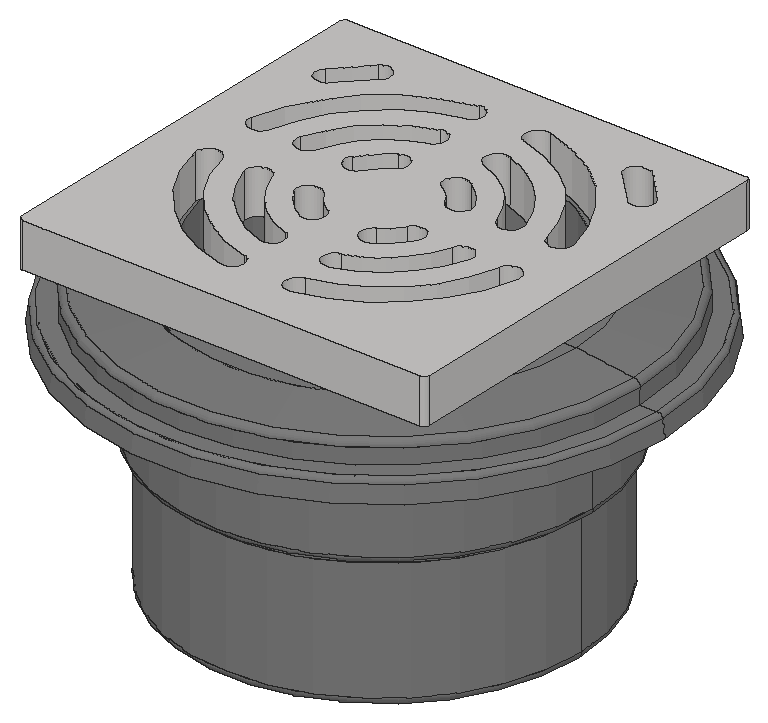
Revit family "PlumbingFixture_Drain_Galvin_DV150S", category Plumbing Fixtures, host Face, Revit 2011
Parameters (values of type "DV4S06SX - ST/ST 316")
  URL = "www.galvinengineering.com.au"
  Type Comments = "Square"
  StyleOrType_ANZRS = "Drain"
  ModifiedIssue_ANZRS = 20140526.01  # constant formula
  Model = "DV4S06SX - ST/ST 316"
  Manufacturer = "Galvin Engineering"
  Keynote = "10800"
  Instructions = "http://www.galvinengineering.com.au/Installation_Guides_1.aspx"
  GrateMaterial = Metal_Drains_Stainless-Steel_15400
  FilterObject_ANZRS = "DV-SX"
  OutletRadius_DoNotEdit = 50 mm
  DimTop = 150 mm  # constant formula
  DimOutlet = if(OutletRadius_DoNotEdit > 0 mm, (OutletRadius_DoNotEdit * 2), (OutletRadius_DoNotEdit * 2))  # 100 mm
  DimGrateHeight = 35 mm  # constant formula
  DimBodyHeight = 92 mm  # constant formula
  DimAdjustableTop = 58 mm  # constant formula
  Description = "Square Vertical Drain Combination - Standard"
  Default Elevation = 0 mm
  CreatedBy_ANZRS = "Galvin Engineering"
  CreatedByURL_ANZRS = "www.galvinengineering.com.au"
  CreatedByPhoneNo_ANZRS = "61-8-92495900"
  Circulation_ANZRS = yes
  CHWFlow_ANZRS = 3.7 L/s
  BodyMaterial = Metal_Drains_Cast-Iron_15400
  Assembly Code = "D2040200"
  Application = "PVC/HDPE"
Reference planes
  plane 1 "Center (Front/Back)": y = 0
  plane 2 "Face": z = 0
  plane 3 "Center (Left/Right)": x = 0
  plane 4 "Left": x = -75
  plane 5 "Right": x = 75
  plane 6 "GrateHeight": z = -35
  plane 7 "Bottom": z = -127
  plane 8 "AdjustableTop": z = 58
Forms (mm)
  Revolve 1, solid, material "Metal_Drains_Cast-Iron_15400" <- "BodyMaterial"
    sketch origin (0, 0, 0) x (1, 0, 0) y (0, 0, 1)
      loop
        arc (102.389, -36.747) -> (101.751, -35.502) -> (100.445, -35.002) r 1.955
        line (100.445, -35.002) -> (94.124, -35.002) -> (94.124, -29.331)
        arc (94.124, -29.331) -> (93.496, -27.674) -> (91.928, -26.849) r 2.5
        line (91.928, -26.849) -> (70.928, -24.277) -> (62.546, -24.277) -> (62.546, -21.023) -> (74.5, -16.23) -> (59.708, -16.23) -> (59.708, -75.162) -> (50, -79.527) -> (50, -127) -> (69.5, -127)
        arc (69.5, -127) -> (71.621, -126.121) -> (72.5, -124) r 3
        line (72.5, -124) -> (72.5, -79.527)
        arc (72.5, -79.527) -> (73.139, -77.984) -> (74.683, -77.345) r 2.183
        arc (74.683, -77.345) -> (76.226, -76.705) -> (76.865, -75.162) r 2.183
        line (76.865, -75.162) -> (76.865, -48.201)
        arc (76.865, -48.201) -> (77.649, -46.179) -> (79.59, -45.214) r 3
        line (79.59, -45.214) -> (103.07, -43.05) -> (102.389, -36.747)
      axis (0, -16.23) -> (0, -127)
    angle from 0 to 360
  Extrusion 2, solid, material "Metal_Drains_Stainless-Steel_15400" <- "GrateMaterial"
    sketch origin (0, 0, 0) x (1, 0, 0) y (0, 1, 0)
      loop
        line (-75, 73) -> (-75, -73)
        arc (-75, -73) -> (-74.414, -74.414) -> (-73, -75) r 2
        line (-73, -75) -> (73, -75)
        arc (73, -75) -> (74.414, -74.414) -> (75, -73) r 2
        line (75, -73) -> (75, 73)
        arc (75, 73) -> (74.414, 74.414) -> (73, 75) r 2
        line (73, 75) -> (-73, 75)
        arc (-73, 75) -> (-74.414, 74.414) -> (-75, 73) r 2
      loop
        arc (-44.586, 53.21) -> (-44.035, 59.55) -> (-50.375, 60.101) r 4.5
        arc (-50.375, 60.101) -> (-55.78, 54.661) -> (-60.581, 48.683) r 72.731
        arc (-60.581, 48.683) -> (-60.504, 42.551) -> (-54.397, 43.101) r 4.178
        arc (-54.397, 43.101) -> (-49.748, 48.405) -> (-44.586, 53.21) r 69.5
      loop
        arc (-12.942, 59.584) -> (-43.01, 43.134) -> (-59.461, 13.065) r 61
        arc (-59.461, 13.065) -> (-56.029, 7.706) -> (-50.67, 11.138) r 4.5
        arc (-50.67, 11.138) -> (-36.646, 36.77) -> (-11.014, 50.793) r 52
        arc (-11.014, 50.793) -> (-7.582, 56.153) -> (-12.942, 59.584) r 4.5
      loop
        arc (-12.809, 41.533) -> (-30.636, 30.759) -> (-41.41, 12.932) r 43.5
        arc (-41.41, 12.932) -> (-38.451, 7.298) -> (-32.816, 10.257) r 4.5
        arc (-32.816, 10.257) -> (-24.272, 24.395) -> (-10.133, 32.94) r 34.5
        arc (-10.133, 32.94) -> (-7.174, 38.574) -> (-12.809, 41.533) r 4.5
      loop
        arc (-13.222, 22.894) -> (-18.615, 18.738) -> (-22.77, 13.346) r 26.5
        arc (-22.77, 13.346) -> (-21.149, 7.192) -> (-14.995, 8.813) r 4.5
        arc (-14.995, 8.813) -> (-12.251, 12.374) -> (-8.69, 15.119) r 17.5
        arc (-8.69, 15.119) -> (-7.068, 21.273) -> (-13.222, 22.894) r 4.5
      loop
        arc (15.242, 8.813) -> (21.396, 7.192) -> (23.018, 13.346) r 4.5
        arc (23.018, 13.346) -> (18.862, 18.738) -> (13.47, 22.894) r 26.5
        arc (13.47, 22.894) -> (7.316, 21.273) -> (8.937, 15.119) r 4.5
        arc (8.937, 15.119) -> (12.498, 12.374) -> (15.242, 8.813) r 17.5
      loop
        arc (33.064, 10.257) -> (38.698, 7.298) -> (41.657, 12.932) r 4.5
        arc (41.657, 12.932) -> (30.883, 30.759) -> (13.056, 41.533) r 43.5
        arc (13.056, 41.533) -> (7.422, 38.574) -> (10.38, 32.94) r 4.5
        arc (10.38, 32.94) -> (24.519, 24.395) -> (33.064, 10.257) r 34.5
      loop
        arc (50.917, 11.138) -> (56.276, 7.706) -> (59.708, 13.065) r 4.5
        arc (59.708, 13.065) -> (43.257, 43.134) -> (13.189, 59.584) r 61
        arc (13.189, 59.584) -> (7.83, 56.153) -> (11.261, 50.793) r 4.5
        arc (11.261, 50.793) -> (36.893, 36.77) -> (50.917, 11.138) r 52
      loop
        arc (54.645, 43.101) -> (60.965, 42.362) -> (61.705, 48.683) r 4.5
        arc (61.705, 48.683) -> (56.454, 54.673) -> (50.622, 60.101) r 78.5
        arc (50.622, 60.101) -> (44.282, 59.55) -> (44.833, 53.21) r 4.5
        arc (44.833, 53.21) -> (49.995, 48.405) -> (54.645, 43.101) r 69.5
      loop
        arc (-13.222, -22.894) -> (-7.068, -21.273) -> (-8.69, -15.119) r 4.5
        arc (-8.69, -15.119) -> (-12.251, -12.374) -> (-14.995, -8.813) r 17.5
        arc (-14.995, -8.813) -> (-21.149, -7.192) -> (-22.77, -13.346) r 4.5
        arc (-22.77, -13.346) -> (-18.615, -18.738) -> (-13.222, -22.894) r 26.5
      loop
        arc (-32.816, -10.257) -> (-38.451, -7.298) -> (-41.41, -12.932) r 4.5
        arc (-41.41, -12.932) -> (-30.636, -30.759) -> (-12.809, -41.533) r 43.5
        arc (-12.809, -41.533) -> (-7.174, -38.574) -> (-10.133, -32.94) r 4.5
        arc (-10.133, -32.94) -> (-24.272, -24.395) -> (-32.816, -10.257) r 34.5
      loop
        arc (-50.67, -11.138) -> (-56.029, -7.706) -> (-59.461, -13.065) r 4.5
        arc (-59.461, -13.065) -> (-43.01, -43.134) -> (-12.942, -59.584) r 61
        arc (-12.942, -59.584) -> (-7.582, -56.153) -> (-11.014, -50.793) r 4.5
        arc (-11.014, -50.793) -> (-36.646, -36.77) -> (-50.67, -11.138) r 52
      loop
        arc (8.937, -15.119) -> (7.316, -21.273) -> (13.47, -22.894) r 4.5
        arc (13.47, -22.894) -> (18.862, -18.738) -> (23.018, -13.346) r 26.5
        arc (23.018, -13.346) -> (21.396, -7.192) -> (15.242, -8.813) r 4.5
        arc (15.242, -8.813) -> (12.498, -12.374) -> (8.937, -15.119) r 17.5
      loop
        arc (10.38, -32.94) -> (7.422, -38.574) -> (13.056, -41.533) r 4.5
        arc (13.056, -41.533) -> (30.883, -30.759) -> (41.657, -12.932) r 43.5
        arc (41.657, -12.932) -> (38.698, -7.298) -> (33.064, -10.257) r 4.5
        arc (33.064, -10.257) -> (24.519, -24.395) -> (10.38, -32.94) r 34.5
      loop
        arc (11.261, -50.793) -> (7.83, -56.153) -> (13.189, -59.584) r 4.5
        arc (13.189, -59.584) -> (43.257, -43.134) -> (59.708, -13.065) r 61
        arc (59.708, -13.065) -> (56.276, -7.706) -> (50.917, -11.138) r 4.5
        arc (50.917, -11.138) -> (36.893, -36.77) -> (11.261, -50.793) r 52
    from 0 to -16.23
  Revolve 3, void
    sketch origin (0, 0, 0) x (1, 0, 0) y (0, 0, 1)
      loop
        arc (102.389, -36.747) -> (101.751, -35.502) -> (100.445, -35.002) r 1.955
        line (100.445, -35.002) -> (94.124, -35.002) -> (94.124, -29.331)
        arc (94.124, -29.331) -> (93.496, -27.674) -> (91.928, -26.849) r 2.5
        line (91.928, -26.849) -> (70.928, -24.277) -> (62.546, -24.277) -> (62.546, -21.023) -> (74.5, -16.23) -> (0, -16.23) -> (0, -127) -> (69.5, -127)
        arc (69.5, -127) -> (71.621, -126.121) -> (72.5, -124) r 3
        line (72.5, -124) -> (72.5, -79.527)
        arc (72.5, -79.527) -> (73.139, -77.984) -> (74.683, -77.345) r 2.183
        arc (74.683, -77.345) -> (76.226, -76.705) -> (76.865, -75.162) r 2.183
        line (76.865, -75.162) -> (76.865, -48.201)
        arc (76.865, -48.201) -> (77.649, -46.179) -> (79.59, -45.214) r 3
        line (79.59, -45.214) -> (103.07, -43.05) -> (102.389, -36.747)
      axis (0, -16.23) -> (0, -127)
    angle from 0 to 360
  Extrusion 4, void
    sketch origin (0, 0, 0) x (1, 0, 0) y (0, 1, 0)
      loop
        line (-75, 73) -> (-75, -73)
        arc (-75, -73) -> (-74.414, -74.414) -> (-73, -75) r 2
        line (-73, -75) -> (73, -75)
        arc (73, -75) -> (74.414, -74.414) -> (75, -73) r 2
        line (75, -73) -> (75, 73)
        arc (75, 73) -> (74.414, 74.414) -> (73, 75) r 2
        line (73, 75) -> (-73, 75)
        arc (-73, 75) -> (-74.414, 74.414) -> (-75, 73) r 2
    from 0 to -16.23
Lines and regions (mm)
  symbolic lines, style "Waste Outlets"
    curve 1: line (-68, 65, 0) -> (-68, -65, 0)
    curve 2: arc (-68, -65, 0) -> (-67.121, -67.121, 0) -> (-65, -68, 0) r 3
    curve 3: line (-65, -68, 0) -> (65, -68, 0)
    curve 4: arc (65, -68, 0) -> (67.121, -67.121, 0) -> (68, -65, 0) r 3
    curve 5: line (68, -65, 0) -> (68, 65, 0)
    curve 6: arc (68, 65, 0) -> (67.121, 67.121, 0) -> (65, 68, 0) r 3
    curve 7: line (65, 68, 0) -> (-65, 68, 0)
    curve 8: arc (-65, 68, 0) -> (-67.121, 67.121, 0) -> (-68, 65, 0) r 3
    curve 10: circle (-58.876, -58, 0) r 5.67 normal (0, 0, 1)
    curve 12: circle (59.124, -58, 0) r 5.67 normal (0, 0, 1)
  symbolic lines, style "Waste Outlets", detail levels medium+fine
    curve 9: line (-67, 65.5, 0) -> (67, 65.5, 0)
    curve 11: circle (-58.876, -58, 0) r 2.31 normal (0, 0, 1)
    curve 13: circle (59.124, -58, 0) r 2.31 normal (0, 0, 1)
    curve 14: line (-67, 65.5, 0) -> (-67, -65, 0)
    curve 15: arc (-67, -65, 0) -> (-66.414, -66.414, 0) -> (-65, -67, 0) r 2
    curve 16: line (-65, -67, 0) -> (65, -67, 0)
    curve 17: arc (65, -67, 0) -> (66.414, -66.414, 0) -> (67, -65, 0) r 2
    curve 18: line (67, -65, 0) -> (67, 65.5, 0)
Dimensions and locks
  "DimTop": plane 4 "Left" to plane 5 "Right"
  "DimGrateHeight": plane 2 "Face" to plane 6 "GrateHeight"
  "DimBodyHeight": plane 6 "GrateHeight" to plane 7 "Bottom"
  "DimAdjustableTop": plane 8 "AdjustableTop" to plane 2 "Face"
  aligned and locked: plane 2 "Face" to host face
  aligned and locked: level to host face
Automatic sketch dimensions
  curve 2 to curve 15 = 0 mm  (x2)
  curve 4 to curve 17 = 0 mm  (x2)
  curve 10 to curve 11 = 0 mm  (x2)
  curve 12 to curve 13 = 0 mm  (x2)
  curve 1 to plane 4 "Left" = 7 mm
  curve 1 to curve 15 = 1 mm
  curve 15 to curve 15 = 2 mm
  curve 9 to curve 8 = 2 mm
  curve 2 to curve 11 = 6.124 mm
  curve 12 to plane 5 "Right" = 15.876 mm
  curve 3 to plane 5 "Right" = 10 mm
  curve 6 to plane 5 "Right" = 10 mm
  curve 6 to curve 9 = 2 mm
  plane 1 "Center (Front/Back)" to curve 3 = 68 mm
  curve 4 to curve 12 = 7 mm
  curve 2 to curve 10 = 7 mm
  curve 8 to plane 1 "Center (Front/Back)" = 65 mm
  curve 5 to curve 9 = 0.5 mm
  host sketch curve to host sketch curve = 400 mm  (x2)
  Revolve 1 sketch curve to plane 3 "Center (Left/Right)" = 0 mm
  Revolve 1 sketch curve to plane 5 "Right" = 25 mm
  Revolve 1 sketch curve to plane 5 "Right" = 15.292 mm
  Revolve 1 sketch curve to Revolve 1 sketch curve = 2.838 mm
  Revolve 1 sketch curve to plane 5 "Right" = 5.5 mm
  Revolve 1 sketch curve to plane 5 "Right" = 4.072 mm
  Revolve 1 sketch curve to plane 5 "Right" = 2.5 mm
  Revolve 1 sketch curve to plane 5 "Right" = 0.5 mm
  Revolve 1 sketch curve to plane 5 "Right" = 0.317 mm
  plane 5 "Right" to Revolve 1 sketch curve = 1.865 mm
  Revolve 1 sketch curve to Revolve 1 sketch curve = 2.725 mm
  Revolve 1 sketch curve to Revolve 1 sketch curve = 0.275 mm
  plane 5 "Right" to Revolve 1 sketch curve = 16.624 mm
  Revolve 1 sketch curve to Revolve 1 sketch curve = 0.304 mm
  Revolve 1 sketch curve to Revolve 1 sketch curve = 2.5 mm
  Revolve 1 sketch curve to Revolve 1 sketch curve = 6.321 mm
  Revolve 1 sketch curve to Revolve 1 sketch curve = 1.944 mm
  Revolve 1 sketch curve to Revolve 1 sketch curve = 0.682 mm
  Revolve 1 sketch curve to level = 127 mm
  Revolve 1 sketch curve to Revolve 1 sketch curve = 44.491 mm
  Revolve 1 sketch curve to Revolve 1 sketch curve = 47.473 mm
  Revolve 1 sketch curve to Revolve 1 sketch curve = 0 mm  (x2)
  Revolve 1 sketch curve to Revolve 1 sketch curve = 4.365 mm
  Revolve 1 sketch curve to Revolve 1 sketch curve = 26.961 mm
  Revolve 1 sketch curve to Revolve 1 sketch curve = 2.164 mm
  Revolve 1 sketch curve to Revolve 1 sketch curve = 6.093 mm
  Revolve 1 sketch curve to Revolve 1 sketch curve = 0.21 mm
  Revolve 1 sketch curve to Revolve 1 sketch curve = 5.671 mm
  Revolve 1 sketch curve to level = 24.277 mm
  Revolve 1 sketch curve to Revolve 1 sketch curve = 3.254 mm
  Revolve 1 sketch curve to Revolve 1 sketch curve = 4.792 mm
  level to Revolve 1 sketch curve = 32.491 mm
  Extrusion 2 sketch curve to Extrusion 2 sketch curve = 0 mm  (x743)
  Extrusion 2 sketch curve to plane 4 "Left" = 0 mm
  plane 1 "Center (Front/Back)" to Extrusion 2 sketch curve = 0 mm
  Extrusion 2 sketch curve to plane 5 "Right" = 0 mm
  Extrusion 2 sketch curve to plane 4 "Left" = 2 mm  (x2)
  Extrusion 2 sketch curve to plane 4 "Left" = 14.419 mm
  Extrusion 2 sketch curve to plane 4 "Left" = 15.539 mm  (x2)
  Extrusion 2 sketch curve to Extrusion 2 sketch curve = 2.876 mm
  Extrusion 2 sketch curve to Extrusion 2 sketch curve = 4.396 mm  (x4)
  Extrusion 2 sketch curve to Extrusion 2 sketch curve = 3.308 mm
  Extrusion 2 sketch curve to Extrusion 2 sketch curve = 10.206 mm
  Extrusion 2 sketch curve to Extrusion 2 sketch curve = 2.895 mm  (x3)
  Extrusion 2 sketch curve to Extrusion 2 sketch curve = 9.26 mm  (x4)
  Extrusion 2 sketch curve to Extrusion 2 sketch curve = 4.297 mm  (x4)
  Extrusion 2 sketch curve to Extrusion 2 sketch curve = 10.046 mm  (x4)
  Extrusion 2 sketch curve to Extrusion 2 sketch curve = 3.888 mm  (x4)
  Extrusion 2 sketch curve to Extrusion 2 sketch curve = 5.66 mm  (x2)
  Extrusion 2 sketch curve to plane 3 "Center (Left/Right)" = 12.942 mm  (x2)
  Extrusion 2 sketch curve to plane 3 "Center (Left/Right)" = 12.809 mm  (x2)
  Extrusion 2 sketch curve to Extrusion 2 sketch curve = 0.964 mm  (x4)
  Extrusion 2 sketch curve to Extrusion 2 sketch curve = 1.338 mm  (x4)
  Extrusion 2 sketch curve to Extrusion 2 sketch curve = 2.266 mm  (x4)
  Extrusion 2 sketch curve to plane 3 "Center (Left/Right)" = 1.553 mm
  plane 3 "Center (Left/Right)" to Extrusion 2 sketch curve = 8.937 mm  (x2)
  plane 3 "Center (Left/Right)" to Extrusion 2 sketch curve = 10.38 mm  (x2)
  plane 3 "Center (Left/Right)" to Extrusion 2 sketch curve = 11.261 mm  (x2)
  Extrusion 2 sketch curve to Extrusion 2 sketch curve = 6.305 mm  (x2)
  Extrusion 2 sketch curve to plane 5 "Right" = 30.167 mm
  Extrusion 2 sketch curve to Extrusion 2 sketch curve = 9.812 mm
  Extrusion 2 sketch curve to Extrusion 2 sketch curve = 3.53 mm
  Extrusion 2 sketch curve to plane 5 "Right" = 2 mm  (x2)
  plane 1 "Center (Front/Back)" to Extrusion 2 sketch curve = 8.813 mm  (x2)
  plane 1 "Center (Front/Back)" to Extrusion 2 sketch curve = 10.257 mm  (x2)
  Extrusion 2 sketch curve to Extrusion 2 sketch curve = 1.795 mm  (x4)
  Extrusion 2 sketch curve to Extrusion 2 sketch curve = 59.935 mm
  Extrusion 2 sketch curve to plane 1 "Center (Front/Back)" = 6.192 mm
  Extrusion 2 sketch curve to plane 1 "Center (Front/Back)" = 8.813 mm  (x2)
  Extrusion 2 sketch curve to plane 1 "Center (Front/Back)" = 10.257 mm  (x2)
  Extrusion 2 sketch curve to Extrusion 2 sketch curve = 30.036 mm  (x2)
  Extrusion 2 sketch curve to Extrusion 2 sketch curve = 12.899 mm
  Revolve 3 sketch curve to plane 3 "Center (Left/Right)" = 0 mm  (x2)
  Revolve 3 sketch curve to plane 5 "Right" = 12.454 mm
  Revolve 3 sketch curve to plane 5 "Right" = 5.5 mm
  Revolve 3 sketch curve to plane 5 "Right" = 4.072 mm
  Revolve 3 sketch curve to plane 5 "Right" = 2.5 mm
  Revolve 3 sketch curve to plane 5 "Right" = 0.5 mm
  Revolve 3 sketch curve to plane 5 "Right" = 0.317 mm
  plane 5 "Right" to Revolve 3 sketch curve = 1.865 mm
  Revolve 3 sketch curve to Revolve 3 sketch curve = 2.725 mm
  Revolve 3 sketch curve to Revolve 3 sketch curve = 0.275 mm
  plane 5 "Right" to Revolve 3 sketch curve = 16.624 mm
  Revolve 3 sketch curve to Revolve 3 sketch curve = 0.304 mm
  Revolve 3 sketch curve to Revolve 3 sketch curve = 2.5 mm
  Revolve 3 sketch curve to Revolve 3 sketch curve = 6.321 mm
  Revolve 3 sketch curve to Revolve 3 sketch curve = 1.944 mm
  Revolve 3 sketch curve to Revolve 3 sketch curve = 0.682 mm
  Revolve 3 sketch curve to level = 127 mm
  Revolve 3 sketch curve to Revolve 3 sketch curve = 44.491 mm
  Revolve 3 sketch curve to Revolve 3 sketch curve = 44.473 mm
  Revolve 3 sketch curve to Revolve 3 sketch curve = 0 mm
  Revolve 3 sketch curve to Revolve 3 sketch curve = 26.961 mm
  Revolve 3 sketch curve to Revolve 3 sketch curve = 2.164 mm
  Revolve 3 sketch curve to Revolve 3 sketch curve = 6.093 mm
  Revolve 3 sketch curve to Revolve 3 sketch curve = 0.21 mm
  Revolve 3 sketch curve to Revolve 3 sketch curve = 5.671 mm
  Revolve 3 sketch curve to Revolve 3 sketch curve = 2.572 mm
  Revolve 3 sketch curve to Revolve 3 sketch curve = 3.254 mm
  Revolve 3 sketch curve to level = 16.23 mm
  level to Revolve 3 sketch curve = 32.491 mm
  Extrusion 4 sketch curve to plane 4 "Left" = 0 mm
  Extrusion 4 sketch curve to plane 5 "Right" = 0 mm
  Extrusion 4 sketch curve to plane 4 "Left" = 2 mm
  Extrusion 4 sketch curve to Extrusion 4 sketch curve = 2 mm
  Extrusion 4 sketch curve to plane 5 "Right" = 2 mm  (x2)
  plane 1 "Center (Front/Back)" to Extrusion 4 sketch curve = 75 mm
  Extrusion 4 sketch curve to plane 1 "Center (Front/Back)" = 73 mm
  radius of curve 10 = 5.67 mm
  radius of curve 11 = 2.31 mm
  radius of curve 12 = 5.67 mm
  radius of curve 13 = 2.31 mm
Connectors
  piping at (0, 0, -127), driven by "OutletRadius_DoNotEdit"
    settings: on Revolve 1, index 1, connector radius 1.9685", flow factor 0, pipe flow 0.0 L/s, pressure drop 0.00 psi, fitting loss kfactor 0, connector angle 0.00°, fixture units 0, engagement length 0 mm, flow configuration 0, flow direction 0, fitting loss method 0, system type 28, joint type 0, gender type 0, connector reference index -1, connector utility 0, adjustable connector no, is connector primary yes, fitting loss table "", connector description ""
